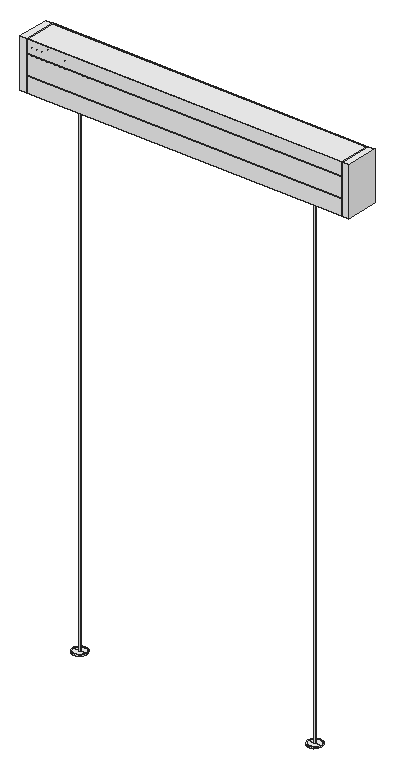
Revit family "2.3 inch  MAGIC WALL WASH LINEAR LIGHT", category Lighting Fixtures, host Face, Revit 2020 (continued)
Types (17): name | Wattage Comments | Wattage | Wall Mount | Suspenders Distance | Surface Mount | Recessed Mount | Photometric Web File | Pendent Mount | Order number | built-in parameter 1150142 | Model | built-in parameter 1150105 | Lumens | Light Source Height | Light Source Distance | built-in parameter 1150106 | Fixture Length
    52   774.35   \r\n 763.27   752.28   741.36   730.48   719.70   709.01   698.44   688.08   677.81   667.65   \r\n 657.58   647.74   638.05   628.45   618.92   609.47   600.14   590.90   581.73   572.65   \r\n 563.70   554.97   545.42   535.45   525.55   515.70   505.85   496.08   486.39   476.76   \r\n 467.22   457.87   448.57   439.34   430.17   421.06   412.03   403.07   394.18   385.35   \r\n 376.59   367.90   359.28   350.74   342.24   333.80   325.40   317.06   308.76   300.48   \r\n 292.41   284.47   276.58   268.73   260.93   253.18   245.50   237.86   230.27   222.71   \r\n 215.19   207.71   200.27   192.87   185.50   178.16   170.86   163.58   156.34   149.12   \r\n 141.94   134.78   127.64   120.53   113.45   106.39   101.50   97.30    93.12    88.96    \r\n 84.81    80.68    76.57    72.46    68.38    64.30    60.23    56.18    52.13    48.10    \r\n 44.07    40.05    36.04    32.03    28.03    24.04    20.04    16.06    12.07    8.08     \r\n 4.10     4.10     4.10     4.10     4.10     4.10     4.10     4.10     4.10     4.10     \r\n 4.10     4.10     4.10     4.10     4.10     4.10     4.10     4.10     4.10     4.10     \r\n 4.10     4.10     4.10     4.10     4.09     4.09     4.09     4.09     4.10     4.10     \r\n 4.10     4.09     4.09     4.09     4.09     4.08     4.08     4.07     4.06     4.06     \r\n 4.05     4.04     4.03     4.02     4.00     3.99     3.98     3.96     3.95     3.93     \r\n 3.91     3.90     3.89     3.89     3.88     3.88     3.88     3.88     3.88     3.88     \r\n 3.88     3.89     3.89     3.90     3.92     3.94     3.96     3.98     4.01     4.03     \r\n 4.06     4.10     4.14     4.19     4.23     4.27     4.32     4.37     4.41     4.47     \r\n 4.54     4.60     4.67     4.74     4.82     4.89     4.97     5.05     5.13     5.21     \r\n 5.30     5.37     5.45     5.53     5.61     5.68     5.75     5.81     5.88     5.94     \r\n 6.01     6.07     6.13     6.19     6.24     6.29     6.34     6.38     6.43     6.48     \r\n 6.50     6.48     6.46     6.44     6.42     6.40     6.38     6.36     6.34     6.32     \r\n 6.30     6.28     6.25     6.23     6.20     6.17     6.15     6.11     6.08     6.05     \r\n 6.01     5.98     5.95     5.93     5.90     5.86     5.83     5.79     5.76     5.73     \r\n 5.70     5.67     5.62     5.57     5.53     5.48     5.44     5.40     5.36     5.32     \r\n 5.28     5.24     5.20     5.17     5.13     5.09     5.05     5.02     4.98     4.95     \r\n 4.91     4.88     4.85     4.81     4.78     4.75     4.72     4.68     4.65     4.62     \r\n 4.59     4.56     4.53     4.50     4.47     4.44     4.41     4.37     4.34     4.30     \r\n 4.26     \r\n1793.11  1783.38  1773.66  1763.94  1754.22  1743.89  1733.57  1723.26  1712.96  1702.78  \r\n 1692.61  1682.45  1672.30  1661.85  1651.37  1640.89  1630.39  1619.84  1609.27  1598.69  \r\n 1588.10  1577.10  1566.09  1555.08  1544.10  1533.06  1522.06  1511.10  1500.19  1488.85  \r\n 1477.42  1466.01  1454.64  1443.23  1431.81  1417.88  1402.41  1386.68  1370.75  1354.91  \r\n 1339.17  1323.55  1308.06  1292.68  1277.40  1262.23  1247.24  1232.36  1217.60  1202.95  \r\n 1188.41  1173.98  1159.68  1145.51  1131.58  1117.86  1104.25  1090.74  1077.39  1064.53  \r\n 1051.79  1039.18  1026.70  1014.13  1001.55  989.07   976.69   964.51   952.16   939.12   \r\n 926.19   913.36   900.57   887.82   875.20   862.69   850.31   838.27   826.46   814.74   \r\n 803.12   791.59   780.17   768.89   757.73   746.70   735.79   725.04   714.41   703.88   \r\n 693.45   683.12   673.01   663.14   653.36   643.65   634.03   624.49   614.94   604.32   \r\n 593.48   582.72   572.04   561.48   551.08   540.76   530.52   520.35   510.25   500.24   \r\n 490.38   480.59   470.86   461.21   451.62   442.10   432.65   423.26   413.94   404.67   \r\n 395.46   386.32   377.23   368.23   359.32   350.45   341.63   332.90   324.48   316.10   \r\n 307.75   299.44   291.15   282.90   274.70   266.54   258.42   250.35   242.31   234.32   \r\n 226.37   218.45   210.57   202.73   194.91   187.13   179.37   171.65   163.95   156.28   \r\n 148.63   141.01   133.42   125.85   118.69   114.14   109.60   105.08   100.57   96.08    \r\n 91.60    87.14    82.68    78.24    73.82    69.40    64.99    60.59    56.20    51.82    \r\n 47.44    43.08    38.72    34.36    30.01    25.66    21.32    16.98    12.64    8.30     \r\n 3.96     3.96     3.96     3.96     3.96     3.96     3.96     3.96     3.96     3.96     \r\n 3.96     3.96     3.96     3.96     3.96     3.96     3.95     3.95     3.95     3.95     \r\n 3.95     3.94     3.94     3.94     3.93     3.93     3.92     3.91     3.89     3.87     \r\n 3.85     3.83     3.81     3.79     3.77     3.75     3.73     3.70     3.68     3.65     \r\n 3.62     3.60     3.58     3.56     3.54     3.52     3.50     3.49     3.47     3.45     \r\n 3.43     3.41     3.39     3.38     3.41     3.45     3.49     3.53     3.57     3.61     \r\n 3.65     3.69     3.73     3.77     3.81     3.85     3.90     3.94     3.98     4.03     \r\n 4.07     4.12     4.17     4.22     4.27     4.32     4.37     4.43     4.48     4.54     \r\n 4.59     4.65     4.71     4.79     4.86     4.93     5.00     5.08     5.15     5.21     \r\n 5.28     5.34     5.40     5.46     5.52     5.58     5.64     5.70     5.76     5.82     \r\n 5.88     5.94     5.99     6.05     6.10     6.16     6.22     6.27     6.32     6.36     \r\n 6.40     6.43     6.47     6.48     6.46     6.43     6.41     6.39     6.36     6.33     \r\n 6.30     6.26     6.23     6.20     6.17     6.15     6.12     6.08     6.04     6.00     \r\n 5.97     5.93     5.90     5.86     5.83     5.80     5.76     5.72     5.67     5.63     \r\n 5.59     5.55     5.50     5.46     5.42     5.37     5.33     5.29     5.25     5.22     \r\n 5.18     5.15     5.11     5.08     5.04     5.01     4.98     4.95     4.92     4.89     \r\n 4.86     4.82     4.79     4.76     4.73     4.70     4.68     4.65     4.62     4.59     \r\n 4.56     4.54     4.51     4.48     4.45     4.42     4.40     4.36     4.33     4.29     \r\n 4.26     \r\n1793.11  1784.37  1775.63  1766.89  1758.16  1749.29  1740.05  1730.82  1721.59  1712.38  \r\n 1703.22  1694.11  1685.02  1675.94  1666.88  1657.58  1648.21  1638.83  1629.44  1620.04  \r\n 1610.60  1601.14  1591.68  1582.20  1572.66  1562.87  1553.09  1543.33  1533.59  1523.86  \r\n 1514.16  1504.51  1494.90  1485.07  1470.87  1456.43  1442.05  1427.72  1413.44  1399.18  \r\n 1384.94  1370.76  1356.63  1342.57  1328.34  1314.01  1299.76  1285.60  1271.52  1257.57  \r\n 1243.74  1230.01  1216.37  1202.82  1189.40  1176.16  1163.03  1149.99  1137.05  1124.22  \r\n 1111.53  1098.95  1086.47  1074.11  1061.85  1049.75  1035.36  1021.10  1006.98  993.00   \r\n 979.22   965.88   952.66   939.55   926.56   913.68   900.85   888.08   875.46   862.98   \r\n 850.64   838.45   826.64   815.09   803.63   792.26   780.97   769.77   758.66   747.66   \r\n 736.76   725.96   715.25   704.63   694.12   683.78   673.00   661.40   649.90   638.47   \r\n 627.14   615.92   604.93   594.00   583.14   572.35   561.63   550.97   540.38   529.83   \r\n 519.35   508.95   498.61   488.34   478.15   468.02   457.96   448.01   438.11   428.27   \r\n 418.49   408.75   399.07   389.44   379.86   370.45   361.47   352.53   343.63   334.77   \r\n 325.95   317.16   308.42   299.71   291.04   282.41   273.82   265.26   256.74   248.25   \r\n 239.80   231.37   222.98   214.61   206.28   197.97   189.69   181.44   173.21   165.02   \r\n 156.84   148.69   140.56   133.40   128.47   123.56   118.65   113.77   108.89   104.03   \r\n 99.18    94.34    89.51    84.70    79.89    75.09    70.30    65.52    60.74    55.97    \r\n 51.21    46.46    41.71    36.96    32.22    27.48    22.75    18.01    13.28    8.55     \r\n 3.82     3.82     3.82     3.82     3.82     3.82     3.82     3.82     3.81     3.81     \r\n 3.81     3.81     3.81     3.80     3.80     3.80     3.80     3.79     3.79     3.79     \r\n 3.78     3.78     3.77     3.77     3.77     3.76     3.75     3.75     3.73     3.72     \r\n 3.70     3.68     3.67     3.65     3.64     3.62     3.61     3.59     3.58     3.57     \r\n 3.55     3.54     3.53     3.51     3.50     3.49     3.47     3.46     3.45     3.44     \r\n 3.43     3.42     3.41     3.40     3.39     3.38     3.42     3.46     3.51     3.56     \r\n 3.61     3.66     3.71     3.76     3.81     3.87     3.92     3.97     4.03     4.08     \r\n 4.13     4.19     4.24     4.30     4.36     4.42     4.47     4.53     4.59     4.65     \r\n 4.72     4.78     4.85     4.92     5.00     5.07     5.14     5.22     5.30     5.38     \r\n 5.46     5.54     5.61     5.68     5.74     5.80     5.87     5.92     5.98     6.02     \r\n 6.06     6.10     6.13     6.16     6.20     6.22     6.25     6.27     6.29     6.30     \r\n 6.32     6.34     6.36     6.37     6.39     6.40     6.37     6.33     6.28     6.24     \r\n 6.20     6.16     6.13     6.09     6.05     6.02     5.98     5.95     5.92     5.88     \r\n 5.85     5.81     5.78     5.74     5.70     5.66     5.63     5.58     5.54     5.50     \r\n 5.46     5.41     5.37     5.33     5.29     5.25     5.20     5.16     5.13     5.10     \r\n 5.07     5.04     5.01     4.98     4.96     4.93     4.90     4.87     4.84     4.82     \r\n 4.79     4.76     4.73     4.71     4.68     4.66     4.63     4.61     4.58     4.56     \r\n 4.53     4.51     4.48     4.46     4.43     4.41     4.38     4.35     4.32     4.29     \r\n 4.26     \r\n1793.11  1785.42  1777.73  1770.05  1762.37  1754.69  1746.95  1738.86  1730.78  1722.71  \r\n 1714.64  1706.59  1698.56  1690.60  1682.65  1674.71  1666.78  1658.86  1650.85  1642.66  \r\n 1634.46  1626.26  1618.05  1609.83  1601.60  1593.33  1585.07  1576.80  1568.52  1560.24  \r\n 1551.86  1543.40  1534.17  1521.14  1508.15  1495.19  1482.28  1469.44  1456.64  1443.88  \r\n 1431.17  1418.49  1405.75  1392.74  1379.78  1366.87  1354.00  1341.18  1328.40  1315.65  \r\n 1302.94  1290.29  1277.68  1265.13  1252.63  1240.07  1227.49  1214.99  1202.55  1190.18  \r\n 1177.89  1165.66  1153.61  1141.63  1127.37  1112.85  1098.44  1084.14  1069.97  1056.03  \r\n 1042.20  1028.49  1014.88  1001.38  987.99   974.71   961.54   948.47   935.50   922.63   \r\n 909.85   897.18   884.60   872.23   860.01   847.89   835.88   823.97   812.17   800.46   \r\n 788.86   777.46   766.15   754.93   743.18   730.74   718.38   706.11   693.92   681.89   \r\n 669.96   658.10   646.32   634.60   622.96   611.40   599.90   588.47   577.14   565.91   \r\n 554.74   543.65   532.62   521.66   510.77   499.94   489.18   478.48   467.82   457.19   \r\n 446.61   436.09   425.62   415.21   405.49   395.84   386.24   376.68   367.16   357.69   \r\n 348.29   338.93   329.60   320.31   311.05   301.82   292.63   283.46   274.32   265.21   \r\n 256.13   247.08   238.06   229.06   220.09   211.15   202.24   193.35   184.48   175.64   \r\n 166.82   158.01   150.14   144.79   139.45   134.12   128.81   123.51   118.22   112.94   \r\n 107.67   102.41   97.15    91.91    86.68    81.45    76.23    71.02    65.82    60.62    \r\n 55.42    50.23    45.05    39.87    34.69    29.51    24.34    19.17    14.00    8.84     \r\n 3.67     3.66     3.66     3.65     3.64     3.64     3.63     3.62     3.62     3.61     \r\n 3.60     3.59     3.59     3.58     3.57     3.56     3.55     3.55     3.54     3.53     \r\n 3.52     3.51     3.50     3.49     3.48     3.47     3.45     3.44     3.43     3.43     \r\n 3.42     3.42     3.42     3.41     3.41     3.41     3.41     3.41     3.41     3.41     \r\n 3.41     3.41     3.41     3.42     3.42     3.42     3.43     3.43     3.43     3.44     \r\n 3.45     3.45     3.46     3.47     3.48     3.49     3.50     3.51     3.57     3.64     \r\n 3.70     3.77     3.84     3.91     3.98     4.05     4.12     4.20     4.27     4.35     \r\n 4.43     4.51     4.60     4.68     4.75     4.83     4.91     4.99     5.06     5.14     \r\n 5.22     5.30     5.38     5.46     5.53     5.61     5.68     5.73     5.76     5.79     \r\n 5.82     5.84     5.87     5.89     5.91     5.94     5.96     5.98     6.00     6.03     \r\n 6.05     6.07     6.09     6.10     6.11     6.12     6.13     6.13     6.13     6.14     \r\n 6.13     6.13     6.13     6.13     6.13     6.13     6.13     6.12     6.10     6.07     \r\n 6.04     6.01     5.97     5.94     5.91     5.88     5.84     5.80     5.76     5.72     \r\n 5.68     5.64     5.60     5.56     5.53     5.49     5.45     5.41     5.37     5.33     \r\n 5.30     5.26     5.22     5.18     5.15     5.11     5.08     5.05     5.01     4.99     \r\n 4.96     4.94     4.91     4.89     4.86     4.84     4.81     4.79     4.77     4.74     \r\n 4.72     4.70     4.67     4.65     4.63     4.61     4.58     4.56     4.54     4.52     \r\n 4.50     4.47     4.45     4.43     4.41     4.38     4.36     4.33     4.31     4.29     \r\n 4.26     \r\n1793.11  1786.53  1779.95  1773.38  1766.81  1760.24  1753.67  1747.10  1740.45  1733.58  \r\n 1726.72  1719.87  1713.02  1706.17  1699.34  1692.51  1685.72  1678.97  1672.23  1665.50  \r\n 1658.78  1652.07  1645.37  1638.68  1631.83  1624.88  1617.94  1610.99  1604.04  1597.08  \r\n 1590.13  1583.17  1571.35  1559.51  1547.71  1535.95  1524.21  1512.52  1500.85  1489.22  \r\n 1477.53  1465.81  1454.12  1442.46  1430.83  1419.22  1407.65  1396.10  1384.61  1373.19  \r\n 1361.80  1350.44  1339.12  1327.83  1316.58  1305.36  1294.17  1282.80  1271.41  1260.06  \r\n 1248.75  1237.47  1225.39  1211.03  1196.76  1182.56  1168.44  1154.41  1140.46  1126.59  \r\n 1112.80  1099.09  1085.46  1071.91  1058.44  1044.98  1031.57  1018.24  1004.98  991.80   \r\n 978.70   965.67   952.72   939.84   927.04   914.38   901.83   889.36   876.96   864.63   \r\n 852.38   840.20   828.07   814.59   801.19   787.87   774.75   761.70   748.72   735.81   \r\n 722.97   710.20   697.49   684.86   672.29   659.78   647.34   634.97   622.63   610.36   \r\n 598.16   586.02   573.94   561.92   549.96   538.07   526.23   514.45   502.72   491.06   \r\n 479.44   467.91   456.79   446.48   436.20   425.96   415.75   405.57   395.43   385.31   \r\n 375.22   365.17   355.14   345.14   335.17   325.23   315.31   305.42   295.56   285.72   \r\n 275.91   266.12   256.36   246.61   236.89   227.18   217.50   207.83   198.18   188.55   \r\n 178.94   169.43   163.60   157.78   151.97   146.17   140.39   134.61   128.84   123.08   \r\n 117.33   111.59   105.86   100.13   94.41    88.70    82.99    77.29    71.59    65.90    \r\n 60.21    54.53    48.85    43.18    37.50    31.83    26.16    20.50    14.83    9.17     \r\n 3.50     3.48     3.46     3.44     3.42     3.40     3.38     3.36     3.34     3.32     \r\n 3.30     3.27     3.25     3.23     3.21     3.18     3.16     3.13     3.11     3.08     \r\n 3.06     3.03     3.01     2.98     2.95     2.92     2.89     2.86     2.83     2.80     \r\n 2.82     2.84     2.86     2.88     2.90     2.93     2.95     2.97     3.00     3.02     \r\n 3.05     3.08     3.11     3.14     3.18     3.22     3.25     3.29     3.33     3.36     \r\n 3.40     3.44     3.48     3.52     3.56     3.60     3.63     3.67     3.71     3.78     \r\n 3.85     3.93     4.00     4.08     4.15     4.23     4.30     4.38     4.46     4.53     \r\n 4.61     4.69     4.76     4.84     4.92     4.99     5.06     5.13     5.20     5.28     \r\n 5.35     5.42     5.49     5.56     5.63     5.70     5.77     5.84     5.91     5.92     \r\n 5.93     5.93     5.94     5.95     5.95     5.96     5.96     5.96     5.96     5.96     \r\n 5.96     5.96     5.96     5.96     5.96     5.96     5.95     5.95     5.94     5.93     \r\n 5.92     5.92     5.91     5.90     5.89     5.88     5.88     5.87     5.86     5.83     \r\n 5.80     5.76     5.73     5.69     5.66     5.62     5.59     5.55     5.52     5.48     \r\n 5.45     5.42     5.38     5.35     5.32     5.29     5.26     5.23     5.20     5.17     \r\n 5.14     5.11     5.08     5.05     5.02     4.98     4.95     4.92     4.89     4.86     \r\n 4.84     4.82     4.80     4.78     4.76     4.74     4.72     4.70     4.68     4.66     \r\n 4.64     4.62     4.61     4.59     4.57     4.55     4.53     4.51     4.49     4.47     \r\n 4.46     4.44     4.42     4.40     
    4.38     4.36     4.34     4.32     4.30     4.28     \r\n 4.26     \r\n1793.11  1787.69  1782.28  1776.86  1771.45  1766.03  1760.62  1755.22  1749.81  1744.40  \r\n 1739.00  1733.60  1728.11  1722.51  1716.92  1711.34  1705.76  1700.18  1694.61  1689.05  \r\n 1683.49  1677.94  1672.40  1666.86  1661.37  1655.89  1650.42  1644.96  1639.50  1634.06  \r\n 1628.62  1620.31  1609.73  1599.16  1588.61  1578.08  1567.40  1556.73  1546.10  1535.49  \r\n 1524.92  1514.37  1503.85  1493.36  1482.90  1472.47  1462.07  1451.70  1441.32  1430.94  \r\n 1420.59  1410.27  1399.97  1389.69  1379.45  1369.22  1359.02  1348.85  1338.70  1328.58  \r\n 1318.49  1307.43  1293.54  1279.71  1265.93  1252.21  1238.53  1224.91  1211.34  1197.82  \r\n 1184.36  1170.94  1157.58  1144.26  1131.00  1117.81  1104.66  1091.55  1078.49  1065.48  \r\n 1052.51  1039.59  1026.70  1013.87  1001.07  988.32   975.61   962.95   950.33   937.74   \r\n 925.16   912.41   898.23   884.11   870.03   856.01   842.04   828.12   814.25   800.42   \r\n 786.65   772.93   759.25   745.62   732.04   718.51   705.02   691.58   678.18   664.84   \r\n 651.53   638.27   625.05   611.88   598.74   585.65   572.60   559.58   546.61   533.67   \r\n 520.77   508.30   497.09   485.90   474.75   463.62   452.53   441.46   430.42   419.41   \r\n 408.45   397.50   386.58   375.68   364.80   353.95   343.12   332.30   321.51   310.74   \r\n 299.99   289.26   278.54   267.84   257.17   246.50   235.86   225.23   214.61   204.01   \r\n 193.43   185.23   178.88   172.53   166.19   159.86   153.54   147.22   140.92   134.61   \r\n 128.32   122.03   115.75   109.47   103.20   96.93    90.67    84.41    78.15    71.90    \r\n 65.65    59.41    53.17    46.93    40.69    34.45    28.22    21.99    15.75    9.52     \r\n 3.29     3.27     3.25     3.23     3.21     3.20     3.18     3.16     3.14     3.12     \r\n 3.10     3.08     3.06     3.04     3.02     3.00     2.99     2.97     2.95     2.93     \r\n 2.91     2.89     2.87     2.86     2.84     2.82     2.80     2.78     2.77     2.75     \r\n 2.76     2.81     2.86     2.92     2.97     3.02     3.07     3.13     3.18     3.23     \r\n 3.29     3.34     3.40     3.45     3.51     3.56     3.62     3.68     3.73     3.79     \r\n 3.85     3.91     3.97     4.02     4.07     4.13     4.18     4.23     4.29     4.34     \r\n 4.39     4.44     4.48     4.53     4.58     4.63     4.67     4.72     4.76     4.81     \r\n 4.85     4.90     4.94     4.99     5.03     5.08     5.12     5.17     5.22     5.26     \r\n 5.31     5.36     5.40     5.45     5.50     5.54     5.59     5.64     5.68     5.73     \r\n 5.74     5.74     5.74     5.74     5.74     5.73     5.73     5.73     5.73     5.72     \r\n 5.72     5.71     5.70     5.70     5.69     5.68     5.67     5.66     5.65     5.64     \r\n 5.63     5.62     5.61     5.60     5.59     5.58     5.56     5.55     5.54     5.53     \r\n 5.51     5.48     5.45     5.43     5.40     5.37     5.35     5.32     5.29     5.27     \r\n 5.24     5.21     5.19     5.16     5.13     5.11     5.08     5.05     5.03     5.00     \r\n 4.97     4.95     4.92     4.89     4.87     4.84     4.81     4.79     4.76     4.74     \r\n 4.71     4.70     4.68     4.67     4.65     4.64     4.62     4.61     4.59     4.58     \r\n 4.56     4.54     4.53     4.51     4.50     4.48     4.47     4.46     4.44     4.43     \r\n 4.41     4.40     4.38     4.36     4.35     4.33     4.32     4.30     4.29     4.28     \r\n 4.26     \r\n1793.11  1788.89  1784.68  1780.47  1776.25  1772.04  1767.83  1763.62  1759.41  1755.20  \r\n 1750.99  1746.79  1742.58  1738.38  1734.18  1729.98  1725.78  1721.58  1717.39  1713.19  \r\n 1709.00  1704.82  1700.63  1696.45  1692.18  1687.91  1683.64  1679.38  1675.12  1670.86  \r\n 1666.61  1657.64  1648.09  1638.56  1629.04  1619.54  1610.05  1600.57  1591.10  1581.65  \r\n 1572.21  1562.78  1553.37  1543.96  1534.58  1525.20  1515.84  1506.49  1497.14  1487.79  \r\n 1478.45  1469.12  1459.80  1450.49  1441.19  1431.89  1422.61  1413.33  1404.07  1394.81  \r\n 1385.56  1373.15  1360.02  1346.91  1333.81  1320.74  1307.68  1294.65  1281.63  1268.63  \r\n 1255.65  1242.68  1229.74  1216.82  1203.91  1191.02  1178.14  1165.29  1152.45  1139.63  \r\n 1126.83  1114.05  1101.29  1088.54  1075.81  1063.10  1050.40  1037.73  1025.07  1012.42  \r\n 999.80   985.58   970.93   956.30   941.70   927.12   912.57   898.03   883.52   869.04   \r\n 854.57   840.13   825.71   811.31   796.93   782.58   768.24   753.91   739.60   725.30   \r\n 711.04   696.79   682.57   668.37   654.20   640.04   625.91   611.80   597.70   583.63   \r\n 569.58   557.07   544.93   532.81   520.70   508.61   496.53   484.47   472.43   460.40   \r\n 448.38   436.38   424.40   412.42   400.46   388.52   376.59   364.67   352.76   340.86   \r\n 328.98   317.11   305.25   293.39   281.55   269.72   257.90   246.09   234.29   222.50   \r\n 210.72   203.24   196.30   189.36   182.43   175.50   168.58   161.65   154.74   147.82   \r\n 140.91   134.00   127.09   120.19   113.29   106.39   99.50    92.61    85.71    78.82    \r\n 71.94    65.05    58.17    51.28    44.40    37.52    30.64    23.76    16.88    10.00    \r\n 3.12     3.11     3.11     3.11     3.10     3.10     3.10     3.09     3.09     3.09     \r\n 3.08     3.08     3.07     3.07     3.07     3.06     3.06     3.06     3.05     3.05     \r\n 3.05     3.04     3.04     3.04     3.04     3.03     3.03     3.03     3.03     3.02     \r\n 3.03     3.08     3.13     3.19     3.24     3.29     3.35     3.40     3.45     3.51     \r\n 3.56     3.61     3.67     3.72     3.77     3.83     3.88     3.93     3.98     4.04     \r\n 4.09     4.14     4.19     4.25     4.30     4.35     4.40     4.46     4.51     4.56     \r\n 4.61     4.64     4.67     4.71     4.74     4.77     4.80     4.83     4.87     4.90     \r\n 4.93     4.96     4.99     5.02     5.05     5.09     5.12     5.15     5.18     5.21     \r\n 5.24     5.27     5.29     5.32     5.35     5.38     5.41     5.44     5.46     5.49     \r\n 5.51     5.50     5.50     5.49     5.48     5.47     5.46     5.45     5.44     5.43     \r\n 5.43     5.42     5.41     5.40     5.39     5.38     5.37     5.36     5.35     5.34     \r\n 5.33     5.32     5.31     5.30     5.29     5.28     5.26     5.25     5.24     5.23     \r\n 5.22     5.20     5.18     5.15     5.13     5.11     5.09     5.07     5.04     5.02     \r\n 5.00     4.98     4.96     4.94     4.91     4.89     4.87     4.85     4.83     4.81     \r\n 4.78     4.76     4.74     4.72     4.70     4.67     4.65     4.63     4.61     4.59     \r\n 4.57     4.56     4.54     4.53     4.52     4.51     4.50     4.49     4.48     4.47     \r\n 4.46     4.45     4.44     4.43     4.42     4.41     4.40     4.39     4.38     4.37     \r\n 4.36     4.35     4.34     4.33     4.32     4.31     4.30     4.29     4.28     4.27     \r\n 4.26     \r\n1793.11  1790.13  1787.15  1784.17  1781.19  1778.20  1775.22  1772.24  1769.26  1766.28  \r\n 1763.30  1760.32  1757.34  1754.36  1751.38  1748.40  1745.42  1742.44  1739.46  1736.48  \r\n 1733.49  1730.51  1727.53  1724.55  1721.57  1718.59  1715.61  1712.63  1709.65  1706.67  \r\n 1703.69  1695.24  1686.79  1678.34  1669.89  1661.44  1652.99  1644.54  1636.08  1627.63  \r\n 1619.18  1610.73  1602.28  1593.83  1585.38  1576.93  1568.48  1560.03  1551.58  1543.13  \r\n 1534.68  1526.23  1517.78  1509.33  1500.88  1492.43  1483.98  1475.53  1467.08  1458.63  \r\n 1450.18  1437.66  1425.14  1412.62  1400.10  1387.59  1375.07  1362.55  1350.03  1337.51  \r\n 1324.99  1312.47  1299.96  1287.44  1274.92  1262.40  1249.88  1237.36  1224.85  1212.33  \r\n 1199.81  1187.29  1174.77  1162.25  1149.73  1137.22  1124.70  1112.18  1099.66  1087.14  \r\n 1074.62  1059.58  1044.53  1029.48  1014.43  999.38   984.34   969.29   954.24   939.19   \r\n 924.15   909.10   894.05   879.00   863.95   848.91   833.86   818.81   803.76   788.72   \r\n 773.67   758.62   743.57   728.52   713.48   698.43   683.38   668.33   653.28   638.24   \r\n 623.19   610.10   597.01   583.92   570.83   557.75   544.66   531.57   518.48   505.39   \r\n 492.30   479.21   466.12   453.03   439.95   426.86   413.77   400.68   387.59   374.50   \r\n 361.41   348.32   335.24   322.15   309.06   295.97   282.88   269.79   256.70   243.61   \r\n 230.53   222.94   215.36   207.77   200.19   192.60   185.02   177.43   169.85   162.26   \r\n 154.68   147.09   139.51   131.92   124.34   116.75   109.17   101.58   94.00    86.41    \r\n 78.83    71.24    63.66    56.07    48.49    40.91    33.32    25.74    18.15    10.57    \r\n 2.98     2.99     3.01     3.02     3.03     3.04     3.06     3.07     3.08     3.09     \r\n 3.11     3.12     3.13     3.14     3.16     3.17     3.18     3.19     3.21     3.22     \r\n 3.23     3.24     3.26     3.27     3.28     3.29     3.31     3.32     3.33     3.34     \r\n 3.36     3.40     3.44     3.47     3.51     3.55     3.59     3.63     3.67     3.71     \r\n 3.75     3.79     3.83     3.87     3.91     3.95     3.99     4.03     4.06     4.10     \r\n 4.14     4.18     4.22     4.26     4.30     4.34     4.38     4.42     4.46     4.50     \r\n 4.54     4.56     4.58     4.60     4.62     4.64     4.66     4.69     4.71     4.73     \r\n 4.75     4.77     4.79     4.81     4.83     4.86     4.88     4.90     4.92     4.94     \r\n 4.96     4.98     5.00     5.03     5.05     5.07     5.09     5.11     5.13     5.15     \r\n 5.17     5.16     5.16     5.15     5.14     5.13     5.12     5.11     5.10     5.10     \r\n 5.09     5.08     5.07     5.06     5.05     5.04     5.04     5.03     5.02     5.01     \r\n 5.00     4.99     4.98     4.97     4.97     4.96     4.95     4.94     4.93     4.92     \r\n 4.91     4.90     4.88     4.86     4.84     4.83     4.81     4.79     4.77     4.76     \r\n 4.74     4.72     4.70     4.69     4.67     4.65     4.63     4.62     4.60     4.58     \r\n 4.56     4.55     4.53     4.51     4.49     4.48     4.46     4.44     4.42     4.41     \r\n 4.39     4.39     4.38     4.38     4.37     4.37     4.36     4.36     4.36     4.35     \r\n 4.35     4.34     4.34     4.33     4.33     4.33     4.32     4.32     4.31     4.31     \r\n 4.30     4.30     4.30     4.29     4.29     4.28     4.28     4.27     4.27     4.27     \r\n 4.26     \r\n" | "MAG1223-SW1-WM-WD-FDL" | 366.06 (stored number, unit not read) | 4600 lm | 0' - 1 1/2" | 0' - 3" | 3.6606 (stored number, unit not read) | 3' - 11 23/32"
  MAG2423-SW1-WM-WD-FDL | "40W/60W/80W" | 61.9354 W | yes | 7' - 4 133/256" | no | no | "generic" | no | "18385" | (empty or 0) | "MAG2423-SW1-WM-WD-FDL" | 732.11 (stored number, unit not read) | 9200 lm | 0' - 1 1/2" | 0' - 3" | 7.3211 (stored number, unit not read) | 7' - 11 61/256"
